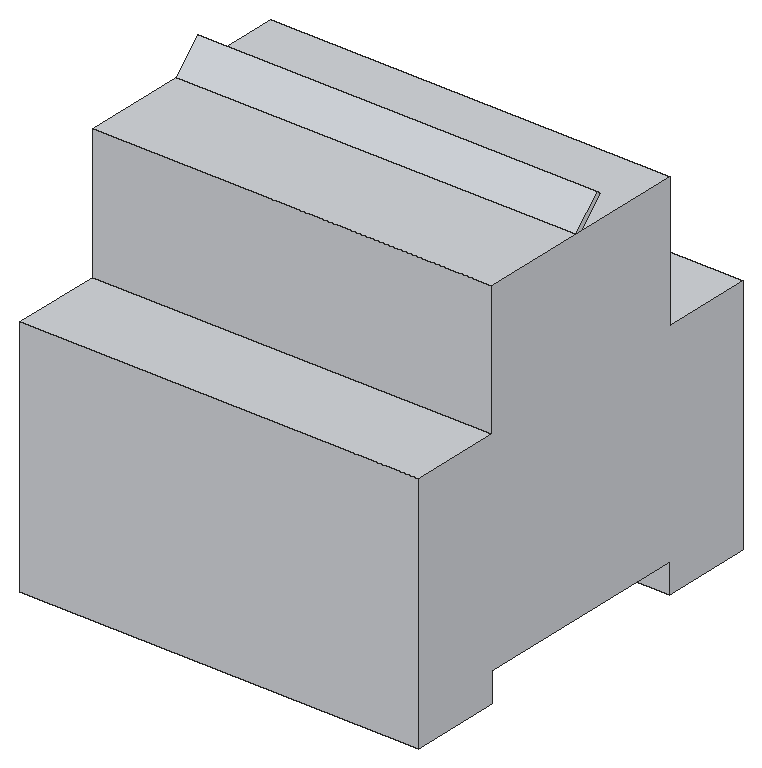
Revit family "Power-ModularDevices-GEWISS-90MCB-MTHP250_3P", category Apparecchi elettrici, host Superficie, Revit 2016
Family settings
  Host = Superficie
  Mantenere orientamento annotazione = Sì
  Tipo di parte = Normale
  Quota connettore circolare = Usa diametro
  Numero OmniClass = 23.80.50.00
  Titolo OmniClass = Terminals for Power Supply
  Taglio con vuoti quando caricato = No
  Condiviso = Sì
  Punto di calcolo locali = Sì
Parameters (values of type "GW93236 - HIGH PERF. MCB 3P C63 25KA 4.5M")
  potenza in watt = 0 V
  carico = Altro
  Version file RFA = "19.0"
  URL = "https://www.gewiss.com/ww/en"
  Technical sheet = "https://www.gewiss.com/ww/en/search?q=GW93236"
  Stocking temperature = "-40 +70 °C"
  Standard; = "EN 60898, EN 60947-2"
  Standard = "EN60898, EN60947-2"
  Spostamento_x = -4000 mm
  Section rigid cable = "<=1x70 - <=2x25 - <=2x25+1x10 mm²"
  Section flexible cable = "<=1x50(2) - <=2x25 - <=3x16 mm²"
  SS [instance] = 69.967 mm
  SIMBOLO IN PIANTA [instance] = yes
  SEO = "MCB"
  Realized by GEWISS S.p.A. = ""
  Rated voltage = "230-400V"
  Rated tightening torque = "3.5 / 3 (terminals)"
  Rated insulation voltage (Ui) = "500V"
  Rated impulse withstand voltage = "6KV"
  Rated frequency (Hz) = "50/60 Hz"
  Rated current: = "63A"
  Rated current (In) = "63A"
  Default Elevation = 1219.2 mm
  Produttore = "GEWISS S.p.A."
  Operating temperature = "-25 +60 °C"
  Numero di poli_ = 1
  Spost_x_eff [instance] = 4000 mm + Spostamento_x  # 0 mm
  Number of poles = "3P"
  No. of poles = "3P"
  No. of modules EN 50022 = "4,5"
  No. modules = "4.5"
  No. Chorus modules = "4,5"
  Modello = "GW93236"
  Minimum operating voltage = "12V ac/dc"
  Mechanical endurance = "20.000"
  Maximum operating voltage = "440V AC / 220V DC"
  Label = "MTHP 250"
  Insulation voltage = "500V"
  Immagine tipo = GW93236.jpg
  IFC.TypeObject = ""
  IFC.ExportType = ""
  IFC.ExportAs = ""
  IDT = "c60f315d-c6fa-4cd9-a51d-3fcd06983766"
  IDF = "a5bb6751-9f93-4ffb-a896-71562a4a5b63"
  Electrocod = "1411"
  Electrical endurance = "10000"
  EAN code = "8011564115736"
  Distanza dal piano = 3 mm
  Descrizione = "HIGH PERF. MCB 3P C63 25KA 4.5M"
  Description = "HIGH PERFORMANCE MINIATURE CIRCUIT BREAKER"
  Curve = "C"
  Catalogue Range = "90 MCB"
  Catalogue = "POWER"
  COBie.Tagnumber = ""
  COBie.CreatedOn = ""
  COBie.CreatebBy = ""
  COBie.ComponentRegisterItemID = ""
  COBie.Component.TagNumber = ""
  COBie.Component.Space = ""
  COBie.Component.SerialNumber = ""
  COBie.Component.InstallationDate = ""
  COBie.Component.Description = ""
  COBie.Component.BarCode = ""
  Breaking capacity EN 60947-2 400V (Icu) = "25KA"
  Breaking capacity EN 60947-2 230V (Icu) = "30KA"
  Breaking capacity EN 60947-2 (Ics) = "75% Icu"
  Breaking capacity EN 60898 400V (Icn) = "25000A"
  Breaking capacity EN 60898 230V (Icn) = "25000A"
  Breaking capacity EN 60898 (Ics) = "0.75 x Icn"
  Breaking capacity (EN 60898) = "0.75 x Icn"
Values of the unnamed type that differ from the named types
  Version file RFA = ""
  Stocking temperature = ""
  Standard; = ""
  Standard = ""
  Section rigid cable = ""
  Section flexible cable = ""
  SEO = ""
  Rated voltage = ""
  Rated tightening torque = ""
  Rated insulation voltage (Ui) = ""
  Rated impulse withstand voltage = ""
  Rated frequency (Hz) = ""
  Operating temperature = ""
  Number of poles = ""
  No. of poles = ""
  No. of modules EN 50022 = ""
  No. modules = ""
  No. Chorus modules = ""
  Minimum operating voltage = ""
  Mechanical endurance = ""
  Maximum operating voltage = ""
  Label = ""
  Insulation voltage = ""
  IDF = ""
  Electrocod = ""
  Electrical endurance = ""
  Description = ""
  Curve = ""
  Catalogue Range = ""
  Catalogue = ""
  Breaking capacity EN 60947-2 400V (Icu) = ""
  Breaking capacity EN 60947-2 230V (Icu) = ""
  Breaking capacity EN 60947-2 (Ics) = ""
  Breaking capacity EN 60898 400V (Icn) = ""
  Breaking capacity EN 60898 230V (Icn) = ""
  Breaking capacity EN 60898 (Ics) = ""
  Breaking capacity (EN 60898) = ""
Reference planes
  plane 1 "Centro (Fronte/Retro)": y = 0
  plane 2: z = 0
  plane 3 "Centro (Sinistra/Destra)": x = 0
  plane 4: z = -7
  plane 5: x = 0
  plane 6: x = 0
  plane 7: y = 69.967
  plane 8: z = -10
Dimensions and locks
  "Distanza dal piano": plane 8 to plane 4
  plane 5 to plane 3 "Centro (Sinistra/Destra)" = 0 mm
  "Spost_x_eff": plane 5 to plane 6
  "SS": plane 1 "Centro (Fronte/Retro)" to plane 7
  locked: plane 2 to plane 8 at 10
  aligned and locked: plane 2 to host face
  aligned and locked: level to host face
  aligned and locked: plane 3 "Centro (Sinistra/Destra)" to nested 1
  aligned and locked: plane 1 "Centro (Fronte/Retro)" to nested 1
  aligned and locked: plane 6 to nested 2
  aligned and locked: nested 2 to plane 7
  aligned and locked: nested 1 to plane 4
Automatic sketch dimensions
  host sketch curve to host sketch curve = 6519.2 mm
  host sketch curve to host sketch curve = 4328.142 mm
Nested families
  nested 1: "GENERICO - MTHP160 MAGNETOTEMICI ALTE PRESTAZ 3P" at (0, 0, -50), type "GENERICO - MTHP160 MAGNETOTEMICI ALTE PRESTAZ 3P"
  nested 2: "MANOVRA" at (0, 69.967, 0), visible <- "SIMBOLO IN PIANTA", type "MANOVRA"
Connectors
  electrical at (0, 0, 65), driven by "Numero di poli_", driven by "potenza in watt"
    settings: on nested 1, index 1, voltage 0 V, apparent load 0 VA, apparent load phase1 0 VA, apparent load phase2 0 VA, apparent load phase3 0 VA, power factor 1, load classification "Altro", number of poles 1, system type 31, power factor state 1, is connector primary yes, connector utility no, sub classification motor no, connector description ""
Definition of nested family "GENERICO - MTHP160 MAGNETOTEMICI ALTE PRESTAZ 3P"
  Parameters (values of type "GENERICO - MTHP160 MAGNETOTEMICI ALTE PRESTAZ 3P")
    h_barra din = if(Altezza barre = 1 mm, 69.9 mm, if(Altezza barre = 2 mm, 115.8 mm, 0 mm))  # 0 mm
    Default Elevation = 1219.2 mm
    H = if(AB_O = 1, AB_V, if(AB_O = 2, AB_H, 50.8 mm))  # 50.8 mm
    Dist barra din = 0 mm  # constant formula
    C1 = 49 mm  # constant formula
    C = 70 mm  # constant formula
    B = 82 mm  # constant formula
    Altezza barre = 5 mm  # constant formula
    AB_V = 3 mm  # constant formula
    AB_H = 5 mm  # constant formula
    AB_O = 0  # constant formula
    A = 81 mm  # constant formula
  Reference planes
    plane 1 "Centro (Fronte/Retro)": y = 0
    plane 2: z = 0
    plane 3 "Centro (Sinistra/Destra)": x = 0
    plane 4: y = -41
    plane 5: y = 41
    plane 6: z = 0
    plane 7: z = -6
    plane 8 "top": z = 70
    plane 9 "incasso": z = 43
    plane 10: y = -22.5
    plane 11: y = 22.5
    plane 12: x = -40.5
    plane 13: x = 40.5
    plane 14: through (4267.2, -42.5, 9) normal (0, -0.1901, 0.9818)
    plane 15 "POSIZIONE": z = 70
    plane 16: y = 3.75
    plane 17: y = -3.75
    plane 18: through (-18, -1524, 18.5) normal (-0.891, 0, -0.454)
    plane 19: through (-36.892, 84.001, 1200) normal (0.9205, -0.3907, 0)
    plane 20: through (63.319, -123.627, 1200) normal (-0.9925, 0.1219, 0)
    plane 21: x = -4
    plane 22: x = 4
    plane 23: z = 65
    plane 24: x = -1.458
    plane 25: x = 1.458
  Forms (mm)
    Extrusion 1, solid
      sketch origin (0, 0, 0) x (0, 1, 0) y (0, 0, 1)
        loop
          line (-22.5, 0) -> (22.5, 0) -> (22.5, -6) -> (41, -6) -> (41, 43) -> (22.5, 43) -> (22.5, 70) -> (-22.5, 70) -> (-22.5, 43) -> (-41, 43) -> (-41, -6) -> (-22.5, -6) -> (-22.5, 0)
      from -40.5 to 40.5
    Extrusion 2, solid
      sketch origin (0, 0, 0) x (0, 1, 0) y (0, 0, 1)
        loop
          line (0, 70) -> (4.778, 74.778) -> (4.175, 75.38) -> (-1.206, 70) -> (0, 70)
      from -40.5 to 40.5
    Extrusion 3, solid
      sketch origin (0, 0, 0) x (0, 1, 0) y (0, 0, 1)
        loop
          line (-0.971, 70) -> (-0.971, 65) -> (0, 65) -> (0, 70) -> (-0.971, 70)
      from -4 to 4
  Cuts and joins
    joined: Extrusion 2, Extrusion 3
  Lines and regions (mm)
    symbolic lines
      curve 1: line (0, 0, 15) -> (0, 0, -6)
      curve 2: line (0, -22.5, 0) -> (0, 22.5, 0)
    model lines
      curve 3: line (-40.5, 41, 43) -> (-40.5, 22.5, 43)
      curve 4: line (-13.5, 41, 43) -> (-13.5, 22.5, 43)
      curve 5: line (-40.5, -22.5, 43) -> (-40.5, -41, 43)
      curve 6: line (-13.5, -22.5, 43) -> (-13.5, -41, 43)
      curve 7: line (-40.5, 22.5, 70) -> (-40.5, 3.75, 70)
      curve 8: line (-13.5, 22.5, 70) -> (-13.5, 3.75, 70)
      curve 118: line (-34.13, 0, 70) -> (-34.13, -7.675, 70)
      curve 119: line (-34.13, -7.675, 70) -> (-19.337, -7.675, 70)
      curve 120: line (-19.337, -7.675, 70) -> (-19.337, 0, 70)
      curve 121: line (13.5, 41, 43) -> (13.5, 22.5, 43)
      curve 122: line (13.5, -22.5, 43) -> (13.5, -41, 43)
      curve 123: line (13.5, 22.5, 70) -> (13.5, 3.75, 70)
      curve 148: line (7.13, 0, 70) -> (7.13, -7.675, 70)
      curve 149: line (7.13, -7.675, 70) -> (-7.663, -7.675, 70)
      curve 150: line (-7.663, -7.675, 70) -> (-7.663, 0, 70)
      curve 323: line (19.87, 0, 70) -> (19.87, -7.675, 70)
      curve 324: line (19.87, -7.675, 70) -> (34.663, -7.675, 70)
      curve 325: line (34.663, -7.675, 70) -> (34.663, 0, 70)
      curve 353: line (-40.5, 0, 70) -> (34.454, 0, 70)
    model lines, detail levels medium+fine
      curve 9: line (-27.24, 34.673, 43) -> (-28.534, 34.326, 43)
      curve 10: line (-28.534, 34.326, 43) -> (-29.481, 33.38, 43)
      curve 11: line (-29.481, 33.38, 43) -> (-29.827, 32.086, 43)
      curve 12: line (-29.827, 32.086, 43) -> (-29.481, 30.793, 43)
      curve 13: line (-29.481, 30.793, 43) -> (-28.534, 29.846, 43)
      curve 14: line (-28.534, 29.846, 43) -> (-27.24, 29.499, 43)
      curve 15: line (-27.24, 29.499, 43) -> (-25.947, 29.846, 43)
      curve 16: line (-25.947, 29.846, 43) -> (-25, 30.793, 43)
      curve 17: line (-25, 30.793, 43) -> (-24.654, 32.086, 43)
      curve 18: line (-24.654, 32.086, 43) -> (-25, 33.38, 43)
      curve 19: line (-25, 33.38, 43) -> (-25.947, 34.326, 43)
      curve 20: line (-25.947, 34.326, 43) -> (-27.24, 34.673, 43)
      curve 21: line (-27.24, -35.673, 43) -> (-28.534, -35.326, 43)
      curve 22: line (-28.534, -35.326, 43) -> (-29.481, -34.38, 43)
      curve 23: line (-29.481, -34.38, 43) -> (-29.827, -33.086, 43)
      curve 24: line (-29.827, -33.086, 43) -> (-29.481, -31.793, 43)
      curve 25: line (-29.481, -31.793, 43) -> (-28.534, -30.846, 43)
      curve 26: line (-28.534, -30.846, 43) -> (-27.24, -30.499, 43)
      curve 27: line (-27.24, -30.499, 43) -> (-25.947, -30.846, 43)
      curve 28: line (-25.947, -30.846, 43) -> (-25, -31.793, 43)
      curve 29: line (-25, -31.793, 43) -> (-24.654, -33.086, 43)
      curve 30: line (-24.654, -33.086, 43) -> (-25, -34.38, 43)
      curve 31: line (-25, -34.38, 43) -> (-25.947, -35.326, 43)
      curve 32: line (-25.947, -35.326, 43) -> (-27.24, -35.673, 43)
      curve 124: line (0.24, 34.673, 43) -> (1.534, 34.326, 43)
      curve 125: line (1.534, 34.326, 43) -> (2.481, 33.38, 43)
      curve 126: line (2.481, 33.38, 43) -> (2.827, 32.086, 43)
      curve 127: line (2.827, 32.086, 43) -> (2.481, 30.793, 43)
      curve 128: line (2.481, 30.793, 43) -> (1.534, 29.846, 43)
      curve 129: line (1.534, 29.846, 43) -> (0.24, 29.499, 43)
      curve 130: line (0.24, 29.499, 43) -> (-1.053, 29.846, 43)
      curve 131: line (-1.053, 29.846, 43) -> (-2, 30.793, 43)
      curve 132: line (-2, 30.793, 43) -> (-2.346, 32.086, 43)
      curve 133: line (-2.346, 32.086, 43) -> (-2, 33.38, 43)
      curve 134: line (-2, 33.38, 43) -> (-1.053, 34.326, 43)
      curve 135: line (-1.053, 34.326, 43) -> (0.24, 34.673, 43)
      curve 136: line (0.24, -35.673, 43) -> (1.534, -35.326, 43)
      curve 137: line (1.534, -35.326, 43) -> (2.481, -34.38, 43)
      curve 138: line (2.481, -34.38, 43) -> (2.827, -33.086, 43)
      curve 139: line (2.827, -33.086, 43) -> (2.481, -31.793, 43)
      curve 140: line (2.481, -31.793, 43) -> (1.534, -30.846, 43)
      curve 141: line (1.534, -30.846, 43) -> (0.24, -30.499, 43)
      curve 142: line (0.24, -30.499, 43) -> (-1.053, -30.846, 43)
      curve 143: line (-1.053, -30.846, 43) -> (-2, -31.793, 43)
      curve 144: line (-2, -31.793, 43) -> (-2.346, -33.086, 43)
      curve 145: line (-2.346, -33.086, 43) -> (-2, -34.38, 43)
      curve 146: line (-2, -34.38, 43) -> (-1.053, -35.326, 43)
      curve 147: line (-1.053, -35.326, 43) -> (0.24, -35.673, 43)
      curve 299: line (26.76, 34.673, 43) -> (25.466, 34.326, 43)
      curve 300: line (25.466, 34.326, 43) -> (24.519, 33.38, 43)
      curve 301: line (24.519, 33.38, 43) -> (24.173, 32.086, 43)
      curve 302: line (24.173, 32.086, 43) -> (24.519, 30.793, 43)
      curve 303: line (24.519, 30.793, 43) -> (25.466, 29.846, 43)
      curve 304: line (25.466, 29.846, 43) -> (26.76, 29.499, 43)
      curve 305: line (26.76, 29.499, 43) -> (28.053, 29.846, 43)
      curve 306: line (28.053, 29.846, 43) -> (29, 30.793, 43)
      curve 307: line (29, 30.793, 43) -> (29.346, 32.086, 43)
      curve 308: line (29.346, 32.086, 43) -> (29, 33.38, 43)
      curve 309: line (29, 33.38, 43) -> (28.053, 34.326, 43)
      curve 310: line (28.053, 34.326, 43) -> (26.76, 34.673, 43)
      curve 311: line (26.76, -35.673, 43) -> (25.466, -35.326, 43)
      curve 312: line (25.466, -35.326, 43) -> (24.519, -34.38, 43)
      curve 313: line (24.519, -34.38, 43) -> (24.173, -33.086, 43)
      curve 314: line (24.173, -33.086, 43) -> (24.519, -31.793, 43)
      curve 315: line (24.519, -31.793, 43) -> (25.466, -30.846, 43)
      curve 316: line (25.466, -30.846, 43) -> (26.76, -30.499, 43)
      curve 317: line (26.76, -30.499, 43) -> (28.053, -30.846, 43)
      curve 318: line (28.053, -30.846, 43) -> (29, -31.793, 43)
      curve 319: line (29, -31.793, 43) -> (29.346, -33.086, 43)
      curve 320: line (29.346, -33.086, 43) -> (29, -34.38, 43)
      curve 321: line (29, -34.38, 43) -> (28.053, -35.326, 43)
      curve 322: line (28.053, -35.326, 43) -> (26.76, -35.673, 43)
    model lines, detail levels fine
      curve 33: line (-36.532, -17.833, 70) -> (-36.532, -20.467, 70)
      curve 34: line (-36.532, -20.467, 70) -> (-37.415, -20.467, 70)
      curve 35: line (-37.415, -20.467, 70) -> (-37.926, -20.402, 70)
      curve 36: line (-37.926, -20.402, 70) -> (-38.553, -20.125, 70)
      curve 37: line (-38.553, -20.125, 70) -> (-39.05, -19.664, 70)
      curve 38: line (-39.05, -19.664, 70) -> (-39.379, -19.042, 70)
      curve 39: line (-39.379, -19.042, 70) -> (-39.481, -18.38, 70)
      curve 40: line (-39.481, -18.38, 70) -> (-39.382, -17.769, 70)
      curve 41: line (-39.382, -17.769, 70) -> (-39.118, -17.23, 70)
      curve 42: line (-39.118, -17.23, 70) -> (-38.643, -16.739, 70)
      curve 43: line (-38.643, -16.739, 70) -> (-38.069, -16.44, 70)
      curve 44: line (-38.069, -16.44, 70) -> (-37.423, -16.334, 70)
      curve 45: line (-37.423, -16.334, 70) -> (-36.532, -16.334, 70)
      curve 46: line (-36.532, -16.334, 70) -> (-36.532, -17.469, 70)
      curve 47: line (-36.532, -17.469, 70) -> (-38.031, -17.469, 70)
      curve 48: line (-38.031, -17.469, 70) -> (-38.031, -19.331, 70)
      curve 49: line (-38.031, -19.331, 70) -> (-37.666, -19.331, 70)
      curve 50: line (-37.666, -19.331, 70) -> (-37.666, -17.833, 70)
      curve 51: line (-37.666, -17.833, 70) -> (-36.532, -17.833, 70)
      curve 52: line (-32.968, -20.467, 70) -> (-36.169, -20.467, 70)
      curve 53: line (-36.169, -20.467, 70) -> (-36.169, -16.334, 70)
      curve 54: line (-36.169, -16.334, 70) -> (-34.466, -16.334, 70)
      curve 55: line (-34.466, -16.334, 70) -> (-34.466, -17.469, 70)
      curve 56: line (-34.466, -17.469, 70) -> (-35.035, -17.469, 70)
      curve 57: line (-35.035, -17.469, 70) -> (-35.035, -17.832, 70)
      curve 58: line (-35.035, -17.832, 70) -> (-32.968, -17.832, 70)
      curve 59: line (-32.968, -17.832, 70) -> (-32.968, -18.968, 70)
      curve 60: line (-32.968, -18.968, 70) -> (-35.034, -18.968, 70)
      curve 61: line (-35.034, -18.968, 70) -> (-35.034, -19.331, 70)
      curve 62: line (-35.034, -19.331, 70) -> (-32.968, -19.331, 70)
      curve 63: line (-32.968, -19.331, 70) -> (-32.968, -20.467, 70)
      curve 64: line (-27.178, -20.467, 70) -> (-27.178, -17.833, 70)
      curve 65: line (-27.178, -17.833, 70) -> (-28.313, -17.833, 70)
      curve 66: line (-28.313, -17.833, 70) -> (-28.313, -20.467, 70)
      curve 67: line (-28.313, -20.467, 70) -> (-27.178, -20.467, 70)
      curve 68: line (-30.981, -20.467, 70) -> (-30.64, -18.764, 70)
      curve 69: line (-30.64, -18.764, 70) -> (-30.3, -20.467, 70)
      curve 70: line (-30.3, -20.467, 70) -> (-29.164, -20.467, 70)
      curve 71: line (-29.164, -20.467, 70) -> (-28.461, -17.469, 70)
      curve 72: line (-28.461, -17.469, 70) -> (-27.178, -17.469, 70)
      curve 73: line (-27.178, -17.469, 70) -> (-27.178, -16.334, 70)
      curve 74: line (-27.178, -16.334, 70) -> (-29.357, -16.334, 70)
      curve 75: line (-29.357, -16.334, 70) -> (-29.766, -18.082, 70)
      curve 76: line (-29.766, -18.082, 70) -> (-30.05, -16.334, 70)
      curve 77: line (-30.05, -16.334, 70) -> (-31.231, -16.334, 70)
      curve 78: line (-31.231, -16.334, 70) -> (-31.514, -18.082, 70)
      curve 79: line (-31.514, -18.082, 70) -> (-31.923, -16.334, 70)
      curve 80: line (-31.923, -16.334, 70) -> (-34.103, -16.334, 70)
      curve 81: line (-34.103, -16.334, 70) -> (-34.103, -17.469, 70)
      curve 82: line (-34.103, -17.469, 70) -> (-32.82, -17.469, 70)
      curve 83: line (-32.82, -17.469, 70) -> (-32.118, -20.467, 70)
      curve 84: line (-32.118, -20.467, 70) -> (-30.981, -20.467, 70)
      curve 85: line (-23.613, -16.334, 70) -> (-26.814, -16.334, 70)
      curve 86: line (-26.814, -16.334, 70) -> (-26.814, -18.968, 70)
      curve 87: line (-26.814, -18.968, 70) -> (-24.748, -18.968, 70)
      curve 88: line (-24.748, -18.968, 70) -> (-24.748, -19.331, 70)
      curve 89: line (-24.748, -19.331, 70) -> (-26.814, -19.331, 70)
      curve 90: line (-26.814, -19.331, 70) -> (-26.814, -20.467, 70)
      curve 91: line (-26.814, -20.467, 70) -> (-23.613, -20.467, 70)
      curve 92: line (-23.613, -20.467, 70) -> (-23.613, -17.833, 70)
      curve 93: line (-23.613, -17.833, 70) -> (-25.679, -17.833, 70)
      curve 94: line (-25.679, -17.833, 70) -> (-25.679, -17.469, 70)
      curve 95: line (-25.679, -17.469, 70) -> (-23.613, -17.469, 70)
      curve 96: line (-23.613, -17.469, 70) -> (-23.613, -16.334, 70)
      curve 97: line (-23.25, -16.334, 70) -> (-23.25, -18.968, 70)
      curve 98: line (-23.25, -18.968, 70) -> (-21.323, -18.968, 70)
      curve 99: line (-21.323, -18.968, 70) -> (-21.323, -19.331, 70)
      curve 100: line (-21.323, -19.331, 70) -> (-23.25, -19.331, 70)
      curve 101: line (-23.25, -19.331, 70) -> (-23.25, -20.467, 70)
      curve 102: line (-23.25, -20.467, 70) -> (-22.114, -20.467, 70)
      curve 103: line (-22.114, -20.467, 70) -> (-21.458, -20.256, 70)
      curve 104: line (-21.458, -20.256, 70) -> (-21.035, -19.98, 70)
      curve 105: line (-21.035, -19.98, 70) -> (-20.551, -19.386, 70)
      curve 106: line (-20.551, -19.386, 70) -> (-20.326, -18.719, 70)
      curve 107: line (-20.326, -18.719, 70) -> (-20.319, -18.127, 70)
      curve 108: line (-20.319, -18.127, 70) -> (-20.381, -17.833, 70)
      curve 109: line (-20.381, -17.833, 70) -> (-22.114, -17.833, 70)
      curve 110: line (-22.114, -17.833, 70) -> (-22.114, -17.469, 70)
      curve 111: line (-22.114, -17.469, 70) -> (-20.535, -17.469, 70)
      curve 112: line (-20.535, -17.469, 70) -> (-20.74, -17.126, 70)
      curve 113: line (-20.74, -17.126, 70) -> (-21.036, -16.82, 70)
      curve 114: line (-21.036, -16.82, 70) -> (-21.447, -16.55, 70)
      curve 115: line (-21.447, -16.55, 70) -> (-21.876, -16.393, 70)
      curve 116: line (-21.876, -16.393, 70) -> (-22.359, -16.334, 70)
      curve 117: line (-22.359, -16.334, 70) -> (-23.25, -16.334, 70)
    model lines, not visible
      curve 151: line (-182, 41, 43) -> (-182, 22.5, 43)
      curve 152: line (-155, 41, 43) -> (-155, 22.5, 43)
      curve 153: line (-182, -22.5, 43) -> (-182, -41, 43)
      curve 154: line (-155, -22.5, 43) -> (-155, -41, 43)
      curve 155: line (-182, 22.5, 70) -> (-182, 3.75, 70)
      curve 156: line (-155, 22.5, 70) -> (-155, 3.75, 70)
      curve 266: line (-175.63, 0, 70) -> (-175.63, -7.675, 70)
      curve 267: line (-175.63, -7.675, 70) -> (-160.837, -7.675, 70)
      curve 268: line (-160.837, -7.675, 70) -> (-160.837, 0, 70)
      curve 269: line (-128, 41, 43) -> (-128, 22.5, 43)
      curve 270: line (-128, -22.5, 43) -> (-128, -41, 43)
      curve 271: line (-128, 22.5, 70) -> (-128, 3.75, 70)
      curve 296: line (-134.37, 0, 70) -> (-134.37, -7.675, 70)
      curve 297: line (-134.37, -7.675, 70) -> (-149.163, -7.675, 70)
      curve 298: line (-149.163, -7.675, 70) -> (-149.163, 0, 70)
      curve 350: line (-121.63, 0, 70) -> (-121.63, -7.675, 70)
      curve 351: line (-121.63, -7.675, 70) -> (-106.837, -7.675, 70)
      curve 352: line (-106.837, -7.675, 70) -> (-106.837, 0, 70)
      curve 354: line (-182, 0, 70) -> (-107.046, 0, 70)
    model lines, not visible, detail levels medium+fine
      curve 157: line (-168.74, 34.673, 43) -> (-170.034, 34.326, 43)
      curve 158: line (-170.034, 34.326, 43) -> (-170.981, 33.38, 43)
      curve 159: line (-170.981, 33.38, 43) -> (-171.327, 32.086, 43)
      curve 160: line (-171.327, 32.086, 43) -> (-170.981, 30.793, 43)
      curve 161: line (-170.981, 30.793, 43) -> (-170.034, 29.846, 43)
      curve 162: line (-170.034, 29.846, 43) -> (-168.74, 29.499, 43)
      curve 163: line (-168.74, 29.499, 43) -> (-167.447, 29.846, 43)
      curve 164: line (-167.447, 29.846, 43) -> (-166.5, 30.793, 43)
      curve 165: line (-166.5, 30.793, 43) -> (-166.154, 32.086, 43)
      curve 166: line (-166.154, 32.086, 43) -> (-166.5, 33.38, 43)
      curve 167: line (-166.5, 33.38, 43) -> (-167.447, 34.326, 43)
      curve 168: line (-167.447, 34.326, 43) -> (-168.74, 34.673, 43)
      curve 169: line (-168.74, -35.673, 43) -> (-170.034, -35.326, 43)
      curve 170: line (-170.034, -35.326, 43) -> (-170.981, -34.38, 43)
      curve 171: line (-170.981, -34.38, 43) -> (-171.327, -33.086, 43)
      curve 172: line (-171.327, -33.086, 43) -> (-170.981, -31.793, 43)
      curve 173: line (-170.981, -31.793, 43) -> (-170.034, -30.846, 43)
      curve 174: line (-170.034, -30.846, 43) -> (-168.74, -30.499, 43)
      curve 175: line (-168.74, -30.499, 43) -> (-167.447, -30.846, 43)
      curve 176: line (-167.447, -30.846, 43) -> (-166.5, -31.793, 43)
      curve 177: line (-166.5, -31.793, 43) -> (-166.154, -33.086, 43)
      curve 178: line (-166.154, -33.086, 43) -> (-166.5, -34.38, 43)
      curve 179: line (-166.5, -34.38, 43) -> (-167.447, -35.326, 43)
      curve 180: line (-167.447, -35.326, 43) -> (-168.74, -35.673, 43)
      curve 272: line (-141.26, 34.673, 43) -> (-139.966, 34.326, 43)
      curve 273: line (-139.966, 34.326, 43) -> (-139.019, 33.38, 43)
      curve 274: line (-139.019, 33.38, 43) -> (-138.673, 32.086, 43)
      curve 275: line (-138.673, 32.086, 43) -> (-139.019, 30.793, 43)
      curve 276: line (-139.019, 30.793, 43) -> (-139.966, 29.846, 43)
      curve 277: line (-139.966, 29.846, 43) -> (-141.26, 29.499, 43)
      curve 278: line (-141.26, 29.499, 43) -> (-142.553, 29.846, 43)
      curve 279: line (-142.553, 29.846, 43) -> (-143.5, 30.793, 43)
      curve 280: line (-143.5, 30.793, 43) -> (-143.846, 32.086, 43)
      curve 281: line (-143.846, 32.086, 43) -> (-143.5, 33.38, 43)
      curve 282: line (-143.5, 33.38, 43) -> (-142.553, 34.326, 43)
      curve 283: line (-142.553, 34.326, 43) -> (-141.26, 34.673, 43)
      curve 284: line (-141.26, -35.673, 43) -> (-139.966, -35.326, 43)
      curve 285: line (-139.966, -35.326, 43) -> (-139.019, -34.38, 43)
      curve 286: line (-139.019, -34.38, 43) -> (-138.673, -33.086, 43)
      curve 287: line (-138.673, -33.086, 43) -> (-139.019, -31.793, 43)
      curve 288: line (-139.019, -31.793, 43) -> (-139.966, -30.846, 43)
      curve 289: line (-139.966, -30.846, 43) -> (-141.26, -30.499, 43)
      curve 290: line (-141.26, -30.499, 43) -> (-142.553, -30.846, 43)
      curve 291: line (-142.553, -30.846, 43) -> (-143.5, -31.793, 43)
      curve 292: line (-143.5, -31.793, 43) -> (-143.846, -33.086, 43)
      curve 293: line (-143.846, -33.086, 43) -> (-143.5, -34.38, 43)
      curve 294: line (-143.5, -34.38, 43) -> (-142.553, -35.326, 43)
      curve 295: line (-142.553, -35.326, 43) -> (-141.26, -35.673, 43)
      curve 326: line (-114.74, 34.673, 43) -> (-116.034, 34.326, 43)
      curve 327: line (-116.034, 34.326, 43) -> (-116.981, 33.38, 43)
      curve 328: line (-116.981, 33.38, 43) -> (-117.327, 32.086, 43)
      curve 329: line (-117.327, 32.086, 43) -> (-116.981, 30.793, 43)
      curve 330: line (-116.981, 30.793, 43) -> (-116.034, 29.846, 43)
      curve 331: line (-116.034, 29.846, 43) -> (-114.74, 29.499, 43)
      curve 332: line (-114.74, 29.499, 43) -> (-113.447, 29.846, 43)
      curve 333: line (-113.447, 29.846, 43) -> (-112.5, 30.793, 43)
      curve 334: line (-112.5, 30.793, 43) -> (-112.154, 32.086, 43)
      curve 335: line (-112.154, 32.086, 43) -> (-112.5, 33.38, 43)
      curve 336: line (-112.5, 33.38, 43) -> (-113.447, 34.326, 43)
      curve 337: line (-113.447, 34.326, 43) -> (-114.74, 34.673, 43)
      curve 338: line (-114.74, -35.673, 43) -> (-116.034, -35.326, 43)
      curve 339: line (-116.034, -35.326, 43) -> (-116.981, -34.38, 43)
      curve 340: line (-116.981, -34.38, 43) -> (-117.327, -33.086, 43)
      curve 341: line (-117.327, -33.086, 43) -> (-116.981, -31.793, 43)
      curve 342: line (-116.981, -31.793, 43) -> (-116.034, -30.846, 43)
      curve 343: line (-116.034, -30.846, 43) -> (-114.74, -30.499, 43)
      curve 344: line (-114.74, -30.499, 43) -> (-113.447, -30.846, 43)
      curve 345: line (-113.447, -30.846, 43) -> (-112.5, -31.793, 43)
      curve 346: line (-112.5, -31.793, 43) -> (-112.154, -33.086, 43)
      curve 347: line (-112.154, -33.086, 43) -> (-112.5, -34.38, 43)
      curve 348: line (-112.5, -34.38, 43) -> (-113.447, -35.326, 43)
      curve 349: line (-113.447, -35.326, 43) -> (-114.74, -35.673, 43)
    model lines, not visible, detail levels fine
      curve 181: line (-178.032, -17.833, 70) -> (-178.032, -20.467, 70)
      curve 182: line (-178.032, -20.467, 70) -> (-178.915, -20.467, 70)
      curve 183: line (-178.915, -20.467, 70) -> (-179.426, -20.402, 70)
      curve 184: line (-179.426, -20.402, 70) -> (-180.053, -20.125, 70)
      curve 185: line (-180.053, -20.125, 70) -> (-180.55, -19.664, 70)
      curve 186: line (-180.55, -19.664, 70) -> (-180.879, -19.042, 70)
      curve 187: line (-180.879, -19.042, 70) -> (-180.981, -18.38, 70)
      curve 188: line (-180.981, -18.38, 70) -> (-180.882, -17.769, 70)
      curve 189: line (-180.882, -17.769, 70) -> (-180.618, -17.23, 70)
      curve 190: line (-180.618, -17.23, 70) -> (-180.143, -16.739, 70)
      curve 191: line (-180.143, -16.739, 70) -> (-179.569, -16.44, 70)
      curve 192: line (-179.569, -16.44, 70) -> (-178.923, -16.334, 70)
      curve 193: line (-178.923, -16.334, 70) -> (-178.032, -16.334, 70)
      curve 194: line (-178.032, -16.334, 70) -> (-178.032, -17.469, 70)
      curve 195: line (-178.032, -17.469, 70) -> (-179.531, -17.469, 70)
      curve 196: line (-179.531, -17.469, 70) -> (-179.531, -19.331, 70)
      curve 197: line (-179.531, -19.331, 70) -> (-179.166, -19.331, 70)
      curve 198: line (-179.166, -19.331, 70) -> (-179.166, -17.833, 70)
      curve 199: line (-179.166, -17.833, 70) -> (-178.032, -17.833, 70)
      curve 200: line (-174.468, -20.467, 70) -> (-177.669, -20.467, 70)
      curve 201: line (-177.669, -20.467, 70) -> (-177.669, -16.334, 70)
      curve 202: line (-177.669, -16.334, 70) -> (-175.966, -16.334, 70)
      curve 203: line (-175.966, -16.334, 70) -> (-175.966, -17.469, 70)
      curve 204: line (-175.966, -17.469, 70) -> (-176.535, -17.469, 70)
      curve 205: line (-176.535, -17.469, 70) -> (-176.535, -17.832, 70)
      curve 206: line (-176.535, -17.832, 70) -> (-174.468, -17.832, 70)
      curve 207: line (-174.468, -17.832, 70) -> (-174.468, -18.968, 70)
      curve 208: line (-174.468, -18.968, 70) -> (-176.534, -18.968, 70)
      curve 209: line (-176.534, -18.968, 70) -> (-176.534, -19.331, 70)
      curve 210: line (-176.534, -19.331, 70) -> (-174.468, -19.331, 70)
      curve 211: line (-174.468, -19.331, 70) -> (-174.468, -20.467, 70)
      curve 212: line (-168.678, -20.467, 70) -> (-168.678, -17.833, 70)
      curve 213: line (-168.678, -17.833, 70) -> (-169.813, -17.833, 70)
      curve 214: line (-169.813, -17.833, 70) -> (-169.813, -20.467, 70)
      curve 215: line (-169.813, -20.467, 70) -> (-168.678, -20.467, 70)
      curve 216: line (-172.481, -20.467, 70) -> (-172.14, -18.764, 70)
      curve 217: line (-172.14, -18.764, 70) -> (-171.8, -20.467, 70)
      curve 218: line (-171.8, -20.467, 70) -> (-170.664, -20.467, 70)
      curve 219: line (-170.664, -20.467, 70) -> (-169.961, -17.469, 70)
      curve 220: line (-169.961, -17.469, 70) -> (-168.678, -17.469, 70)
      curve 221: line (-168.678, -17.469, 70) -> (-168.678, -16.334, 70)
      curve 222: line (-168.678, -16.334, 70) -> (-170.857, -16.334, 70)
      curve 223: line (-170.857, -16.334, 70) -> (-171.266, -18.082, 70)
      curve 224: line (-171.266, -18.082, 70) -> (-171.55, -16.334, 70)
      curve 225: line (-171.55, -16.334, 70) -> (-172.731, -16.334, 70)
      curve 226: line (-172.731, -16.334, 70) -> (-173.014, -18.082, 70)
      curve 227: line (-173.014, -18.082, 70) -> (-173.423, -16.334, 70)
      curve 228: line (-173.423, -16.334, 70) -> (-175.603, -16.334, 70)
      curve 229: line (-175.603, -16.334, 70) -> (-175.603, -17.469, 70)
      curve 230: line (-175.603, -17.469, 70) -> (-174.32, -17.469, 70)
      curve 231: line (-174.32, -17.469, 70) -> (-173.618, -20.467, 70)
      curve 232: line (-173.618, -20.467, 70) -> (-172.481, -20.467, 70)
      curve 233: line (-165.113, -16.334, 70) -> (-168.314, -16.334, 70)
      curve 234: line (-168.314, -16.334, 70) -> (-168.314, -18.968, 70)
      curve 235: line (-168.314, -18.968, 70) -> (-166.248, -18.968, 70)
      curve 236: line (-166.248, -18.968, 70) -> (-166.248, -19.331, 70)
      curve 237: line (-166.248, -19.331, 70) -> (-168.314, -19.331, 70)
      curve 238: line (-168.314, -19.331, 70) -> (-168.314, -20.467, 70)
      curve 239: line (-168.314, -20.467, 70) -> (-165.113, -20.467, 70)
      curve 240: line (-165.113, -20.467, 70) -> (-165.113, -17.833, 70)
      curve 241: line (-165.113, -17.833, 70) -> (-167.179, -17.833, 70)
      curve 242: line (-167.179, -17.833, 70) -> (-167.179, -17.469, 70)
      curve 243: line (-167.179, -17.469, 70) -> (-165.113, -17.469, 70)
      curve 244: line (-165.113, -17.469, 70) -> (-165.113, -16.334, 70)
      curve 245: line (-164.75, -16.334, 70) -> (-164.75, -18.968, 70)
      curve 246: line (-164.75, -18.968, 70) -> (-162.823, -18.968, 70)
      curve 247: line (-162.823, -18.968, 70) -> (-162.823, -19.331, 70)
      curve 248: line (-162.823, -19.331, 70) -> (-164.75, -19.331, 70)
      curve 249: line (-164.75, -19.331, 70) -> (-164.75, -20.467, 70)
      curve 250: line (-164.75, -20.467, 70) -> (-163.614, -20.467, 70)
      curve 251: line (-163.614, -20.467, 70) -> (-162.958, -20.256, 70)
      curve 252: line (-162.958, -20.256, 70) -> (-162.535, -19.98, 70)
      curve 253: line (-162.535, -19.98, 70) -> (-162.051, -19.386, 70)
      curve 254: line (-162.051, -19.386, 70) -> (-161.826, -18.719, 70)
      curve 255: line (-161.826, -18.719, 70) -> (-161.819, -18.127, 70)
      curve 256: line (-161.819, -18.127, 70) -> (-161.881, -17.833, 70)
      curve 257: line (-161.881, -17.833, 70) -> (-163.614, -17.833, 70)
      curve 258: line (-163.614, -17.833, 70) -> (-163.614, -17.469, 70)
      curve 259: line (-163.614, -17.469, 70) -> (-162.035, -17.469, 70)
      curve 260: line (-162.035, -17.469, 70) -> (-162.24, -17.126, 70)
      curve 261: line (-162.24, -17.126, 70) -> (-162.536, -16.82, 70)
      curve 262: line (-162.536, -16.82, 70) -> (-162.947, -16.55, 70)
      curve 263: line (-162.947, -16.55, 70) -> (-163.376, -16.393, 70)
      curve 264: line (-163.376, -16.393, 70) -> (-163.859, -16.334, 70)
      curve 265: line (-163.859, -16.334, 70) -> (-164.75, -16.334, 70)
  Text (mm)
    text "AB_V" at (0, 50.868, 44.72), in view "Destra"
    text "AB_O" at (0, -80.659, 111.963), in view "Destra"
    text "AB_O" at (-90.351, 0, 31.414), in view "Anteriore"
    text "AB_V=0" at (25.467, -49.469, 0), in view "Livello rif."
  Dimensions and locks
    equal spacing: plane 4, plane 1 "Centro (Fronte/Retro)", plane 5
    "B": plane 4 to plane 5
    "Dist barra din": plane 6 to level
    locked: plane 6 to plane 7 at 6
    "C": plane 15 "POSIZIONE" to plane 6
    equal spacing: plane 10, plane 1 "Centro (Fronte/Retro)", plane 11
    plane 10 to plane 11 = 45 mm
    equal spacing: plane 12, plane 3 "Centro (Sinistra/Destra)", plane 13
    "A": plane 12 to plane 13
    "C1": plane 9 "incasso" to plane 7
    plane 12 to plane 13 = 81 mm
    equal spacing: plane 21, plane 3 "Centro (Sinistra/Destra)", plane 22
    equal spacing: plane 17, plane 1 "Centro (Fronte/Retro)", plane 16
    plane 17 to plane 16 = 7.5 mm
    locked: plane 15 "POSIZIONE" to plane 23 at 5
    equal spacing: plane 24, plane 3 "Centro (Sinistra/Destra)", plane 25
    angle level to plane 14 = 10.9557°
    angle plane 4 to plane 8 "top" = 90.00°
    angle plane 15 "POSIZIONE" to plane 13 = 90.00°
    angle plane 7 to plane 18 = 117.00°
    angle plane 19 to plane 20 = 16.00°
    angle plane 20 to plane 13 = 7.00°
    aligned and locked: level to plane 2
    aligned and locked: Extrusion 1 sketch curve to plane 6
    aligned and locked: Extrusion 1 sketch curve to plane 7
    aligned and locked: Extrusion 1 sketch curve to plane 4
    aligned and locked: Extrusion 1 sketch curve to plane 9 "incasso"  (x2)
    aligned and locked: Extrusion 1 sketch curve to plane 11  (x2)
    aligned and locked: Extrusion 1 sketch curve to plane 5
    aligned and locked: Extrusion 1 sketch curve to plane 10  (x2)
    aligned and locked: plane 1 "Centro (Fronte/Retro)" to curve 1
    aligned and locked: Extrusion 1 to plane 6
    aligned and locked: Extrusion 1 to plane 12
    aligned and locked: plane 13 to Extrusion 1
    aligned and locked: plane 15 "POSIZIONE" to Extrusion 1 sketch curve
    aligned and locked: Extrusion 3 sketch curve to plane 1 "Centro (Fronte/Retro)"
    aligned and locked: Extrusion 3 to plane 21
    aligned and locked: plane 22 to Extrusion 3
    aligned and locked: Extrusion 2 to plane 12
    aligned and locked: plane 13 to Extrusion 2
    aligned and locked: curve 5 to plane 12
  Automatic sketch dimensions
    Extrusion 1 sketch curve to plane 7 = 0 mm
    curve 2 to level = 0 mm
    curve 2 to plane 10 = 0 mm
    curve 2 to plane 11 = 0 mm
    curve 1 to plane 7 = 0 mm
    level to curve 1 = 15 mm
    curve 124 to curve 299 = 0 mm
    curve 20 to curve 124 = 0 mm
    curve 9 to curve 9 = 0.347 mm
    curve 124 to curve 125 = 0.347 mm
    curve 299 to curve 299 = 0.347 mm
    curve 9 to curve 20 = 0.347 mm
    curve 124 to curve 134 = 0.347 mm
    curve 299 to curve 309 = 0.347 mm
    curve 309 to curve 308 = 0.947 mm  (x2)
    curve 134 to curve 134 = 0.947 mm
    curve 19 to curve 18 = 0.947 mm
    curve 124 to curve 126 = 0.947 mm
    curve 9 to curve 11 = 0.947 mm
    curve 299 to curve 300 = 0.947 mm
    curve 10 to curve 11 = 1.293 mm
    curve 300 to curve 302 = 1.293 mm
    curve 308 to curve 307 = 1.293 mm
    curve 18 to curve 18 = 1.293 mm
    curve 125 to curve 126 = 1.293 mm
    curve 133 to curve 133 = 1.293 mm
    curve 307 to curve 307 = 1.293 mm
    curve 11 to curve 13 = 1.293 mm
    curve 126 to curve 127 = 1.293 mm
    curve 132 to curve 131 = 1.293 mm
    curve 17 to curve 16 = 1.293 mm
    curve 301 to curve 303 = 1.293 mm
    curve 302 to curve 303 = 0.947 mm
    curve 16 to curve 15 = 0.947 mm
    curve 12 to curve 14 = 0.947 mm
    curve 306 to curve 305 = 0.947 mm
    curve 131 to curve 131 = 0.947 mm
    curve 127 to curve 128 = 0.947 mm
    curve 130 to curve 129 = 0.347 mm
    curve 15 to curve 14 = 0.347 mm
    curve 303 to curve 304 = 0.347 mm
    curve 25 to curve 24 = 0.947 mm
    curve 27 to curve 28 = 0.947 mm  (x2)
    curve 142 to curve 144 = 0.947 mm
    curve 140 to curve 140 = 0.947 mm  (x2)
    curve 317 to curve 318 = 0.947 mm
    curve 316 to curve 314 = 0.947 mm
    curve 314 to curve 313 = 1.293 mm
    curve 139 to curve 138 = 1.293 mm
    curve 143 to curve 144 = 1.293 mm
    curve 24 to curve 23 = 1.293 mm
    curve 28 to curve 29 = 1.293 mm
    curve 319 to curve 319 = 1.293 mm
    curve 313 to curve 313 = 1.293 mm
    curve 320 to curve 321 = 1.293 mm
    curve 29 to curve 31 = 1.293 mm
    curve 144 to curve 146 = 1.293 mm
    curve 138 to curve 138 = 1.293 mm
    curve 23 to curve 23 = 1.293 mm
    curve 137 to curve 136 = 0.947 mm
    curve 321 to curve 322 = 0.947 mm
    curve 22 to curve 21 = 0.947 mm  (x2)
    curve 313 to curve 312 = 0.947 mm
    curve 145 to curve 146 = 0.947 mm
    curve 30 to curve 31 = 0.947 mm
    curve 136 to curve 147 = 0.347 mm
    curve 311 to curve 311 = 0.347 mm
    curve 21 to curve 21 = 0.347 mm
    curve 23 to curve 24 = 0.347 mm
    curve 11 to curve 12 = 0.347 mm
    curve 11 to curve 10 = 0.347 mm
    curve 23 to curve 22 = 0.347 mm
    curve 12 to curve 13 = 0.947 mm
    curve 24 to curve 25 = 0.947 mm
    curve 10 to curve 10 = 0.947 mm
    curve 21 to curve 21 = 1.293 mm
    curve 9 to curve 20 = 1.293 mm
    curve 21 to curve 32 = 1.293 mm
    curve 14 to curve 16 = 1.293 mm
    curve 9 to curve 19 = 1.293 mm
    curve 26 to curve 27 = 1.293 mm
    curve 31 to curve 30 = 0.947 mm
    curve 19 to curve 19 = 0.947 mm
    curve 15 to curve 17 = 0.947 mm
    curve 16 to curve 18 = 0.347 mm
    curve 28 to curve 29 = 0.347 mm
    curve 132 to curve 131 = 0.347 mm
    curve 144 to curve 144 = 0.347 mm
    curve 144 to curve 146 = 0.347 mm
    curve 132 to curve 133 = 0.347 mm
    curve 145 to curve 147 = 0.947 mm
    curve 133 to curve 134 = 0.947 mm
    curve 146 to curve 136 = 1.293 mm
    curve 134 to curve 124 = 1.293 mm
    curve 124 to curve 125 = 1.293 mm
    curve 136 to curve 136 = 1.293 mm
    curve 124 to curve 125 = 0.947 mm
    curve 136 to curve 138 = 0.947 mm
    curve 128 to curve 127 = 0.947 mm
    curve 139 to curve 138 = 0.347 mm
    curve 127 to curve 126 = 0.347 mm
    curve 313 to curve 314 = 0.347 mm
    curve 301 to curve 301 = 0.347 mm
    curve 313 to curve 312 = 0.347 mm
    curve 301 to curve 302 = 0.347 mm
    curve 302 to curve 304 = 0.947 mm
    curve 300 to curve 300 = 0.947 mm
    curve 315 to curve 316 = 0.947 mm
    curve 313 to curve 311 = 0.947 mm
    curve 299 to curve 310 = 1.293 mm
    curve 311 to curve 322 = 1.293 mm
    curve 304 to curve 306 = 1.293 mm
    curve 311 to curve 321 = 1.293 mm
    curve 299 to curve 309 = 1.293 mm
    curve 316 to curve 317 = 1.293 mm
    curve 321 to curve 320 = 0.947 mm
    curve 317 to curve 319 = 0.947 mm
    curve 305 to curve 307 = 0.947 mm
    curve 307 to curve 308 = 0.347 mm
    curve 319 to curve 320 = 0.347 mm
    curve 272 to curve 326 = 0 mm
    curve 168 to curve 272 = 0 mm
    curve 157 to curve 157 = 0.347 mm
    curve 272 to curve 273 = 0.347 mm
    curve 326 to curve 326 = 0.347 mm
    curve 157 to curve 168 = 0.347 mm
    curve 272 to curve 282 = 0.347 mm
    curve 326 to curve 336 = 0.347 mm
    curve 336 to curve 335 = 0.947 mm  (x2)
    curve 282 to curve 282 = 0.947 mm
    curve 167 to curve 166 = 0.947 mm
    curve 272 to curve 274 = 0.947 mm
    curve 157 to curve 159 = 0.947 mm
    curve 326 to curve 327 = 0.947 mm
    curve 158 to curve 159 = 1.293 mm
    curve 327 to curve 329 = 1.293 mm
    curve 335 to curve 334 = 1.293 mm
    curve 166 to curve 166 = 1.293 mm
    curve 273 to curve 274 = 1.293 mm
    curve 281 to curve 281 = 1.293 mm
    curve 334 to curve 334 = 1.293 mm
    curve 159 to curve 161 = 1.293 mm
    curve 274 to curve 275 = 1.293 mm
    curve 280 to curve 279 = 1.293 mm
    curve 165 to curve 164 = 1.293 mm
    curve 328 to curve 330 = 1.293 mm
    curve 329 to curve 330 = 0.947 mm
    curve 164 to curve 163 = 0.947 mm
    curve 160 to curve 162 = 0.947 mm
    curve 333 to curve 332 = 0.947 mm
    curve 279 to curve 279 = 0.947 mm
    curve 275 to curve 276 = 0.947 mm
    curve 278 to curve 277 = 0.347 mm
    curve 163 to curve 162 = 0.347 mm
    curve 330 to curve 331 = 0.347 mm
    curve 173 to curve 172 = 0.947 mm
    curve 175 to curve 176 = 0.947 mm  (x2)
    curve 290 to curve 292 = 0.947 mm
    curve 288 to curve 288 = 0.947 mm  (x2)
    curve 344 to curve 345 = 0.947 mm
    curve 343 to curve 341 = 0.947 mm
    curve 341 to curve 340 = 1.293 mm
    curve 287 to curve 286 = 1.293 mm
    curve 291 to curve 292 = 1.293 mm
    curve 172 to curve 171 = 1.293 mm
    curve 176 to curve 177 = 1.293 mm
    curve 346 to curve 346 = 1.293 mm
    curve 340 to curve 340 = 1.293 mm
    curve 347 to curve 348 = 1.293 mm
    curve 177 to curve 179 = 1.293 mm
    curve 292 to curve 294 = 1.293 mm
    curve 286 to curve 286 = 1.293 mm
    curve 171 to curve 171 = 1.293 mm
    curve 285 to curve 284 = 0.947 mm
    curve 348 to curve 349 = 0.947 mm
    curve 170 to curve 169 = 0.947 mm  (x2)
    curve 340 to curve 339 = 0.947 mm
    curve 293 to curve 294 = 0.947 mm
    curve 178 to curve 179 = 0.947 mm
    curve 284 to curve 295 = 0.347 mm
    curve 338 to curve 338 = 0.347 mm
    curve 169 to curve 169 = 0.347 mm
    curve 171 to curve 172 = 0.347 mm
    curve 159 to curve 160 = 0.347 mm
    curve 159 to curve 158 = 0.347 mm
    curve 171 to curve 170 = 0.347 mm
    curve 160 to curve 161 = 0.947 mm
    curve 172 to curve 173 = 0.947 mm
    curve 158 to curve 158 = 0.947 mm
    curve 169 to curve 169 = 1.293 mm
    curve 157 to curve 168 = 1.293 mm
    curve 169 to curve 180 = 1.293 mm
    curve 162 to curve 164 = 1.293 mm
    curve 157 to curve 167 = 1.293 mm
    curve 174 to curve 175 = 1.293 mm
    curve 179 to curve 178 = 0.947 mm
    curve 167 to curve 167 = 0.947 mm
    curve 163 to curve 165 = 0.947 mm
    curve 164 to curve 166 = 0.347 mm
    curve 176 to curve 177 = 0.347 mm
    curve 280 to curve 279 = 0.347 mm
    curve 292 to curve 292 = 0.347 mm
    curve 292 to curve 294 = 0.347 mm
    curve 280 to curve 281 = 0.347 mm
    curve 293 to curve 295 = 0.947 mm
    curve 281 to curve 282 = 0.947 mm
    curve 294 to curve 284 = 1.293 mm
    curve 282 to curve 272 = 1.293 mm
    curve 272 to curve 273 = 1.293 mm
    curve 284 to curve 284 = 1.293 mm
    curve 272 to curve 273 = 0.947 mm
    curve 284 to curve 286 = 0.947 mm
    curve 276 to curve 275 = 0.947 mm
    curve 287 to curve 286 = 0.347 mm
    curve 275 to curve 274 = 0.347 mm
    curve 340 to curve 341 = 0.347 mm
    curve 328 to curve 328 = 0.347 mm
    curve 340 to curve 339 = 0.347 mm
    curve 328 to curve 329 = 0.347 mm
    curve 329 to curve 331 = 0.947 mm
    curve 327 to curve 327 = 0.947 mm
    curve 342 to curve 343 = 0.947 mm
    curve 340 to curve 338 = 0.947 mm
    curve 326 to curve 337 = 1.293 mm
    curve 338 to curve 349 = 1.293 mm
    curve 331 to curve 333 = 1.293 mm
    curve 338 to curve 348 = 1.293 mm
    curve 326 to curve 336 = 1.293 mm
    curve 343 to curve 344 = 1.293 mm
    curve 348 to curve 347 = 0.947 mm
    curve 344 to curve 346 = 0.947 mm
    curve 332 to curve 334 = 0.947 mm
    curve 334 to curve 335 = 0.347 mm
    curve 346 to curve 347 = 0.347 mm
    Extrusion 2 sketch curve to plane 8 "top" = 0 mm
    Extrusion 2 sketch curve to plane 1 "Centro (Fronte/Retro)" = 0 mm
    plane 1 "Centro (Fronte/Retro)" to Extrusion 2 sketch curve = 1.206 mm
    Extrusion 2 sketch curve to plane 16 = 0.425 mm
    Extrusion 2 sketch curve to Extrusion 2 sketch curve = 0.603 mm
    Extrusion 3 sketch curve to plane 23 = 0 mm
    Extrusion 3 sketch curve to plane 8 "top" = 0 mm
    Extrusion 3 sketch curve to Extrusion 3 sketch curve = 0.971 mm
    curve 7 to curve 40 = 1.019 mm
    curve 39 to curve 40 = 0.099 mm
    curve 39 to curve 39 = 0.102 mm
    curve 40 to curve 41 = 0.264 mm
    curve 38 to curve 37 = 0.329 mm
    curve 41 to curve 43 = 0.475 mm
    curve 37 to curve 37 = 0.497 mm
    curve 42 to curve 44 = 0.574 mm
    curve 36 to curve 48 = 0.521 mm
    curve 36 to curve 36 = 0.626 mm
    curve 47 to curve 51 = 0.365 mm
    curve 43 to curve 45 = 0.646 mm
    curve 35 to curve 34 = 0.512 mm
    curve 44 to curve 46 = 0.891 mm
    curve 51 to curve 46 = 0 mm
    curve 45 to curve 53 = 0.363 mm
    curve 33 to curve 57 = 1.498 mm
    curve 57 to curve 61 = 0.001 mm
    curve 56 to curve 55 = 0.568 mm
    curve 54 to curve 119 = 0.336 mm
    curve 55 to curve 81 = 0.363 mm
    curve 81 to curve 60 = 1.135 mm
    curve 59 to curve 52 = 0 mm
    curve 58 to curve 82 = 0.148 mm
    curve 52 to curve 83 = 0.85 mm
    curve 82 to curve 80 = 0.897 mm
    curve 82 to curve 78 = 1.306 mm
    curve 79 to curve 78 = 0.693 mm
    curve 83 to curve 84 = 1.137 mm
    curve 78 to curve 69 = 0.874 mm
    curve 68 to curve 69 = 0.681 mm
    curve 77 to curve 77 = 1.181 mm
    curve 68 to curve 75 = 0.874 mm
    curve 76 to curve 75 = 0.693 mm
    curve 69 to curve 70 = 1.135 mm
    curve 75 to curve 71 = 1.306 mm
    curve 71 to curve 65 = 0.148 mm
    curve 65 to curve 64 = 1.135 mm
    curve 72 to curve 64 = 0 mm
    curve 73 to curve 85 = 0.363 mm
    curve 64 to curve 91 = 0.363 mm
    curve 72 to curve 95 = 1.499 mm
    curve 93 to curve 89 = 0.931 mm
    curve 87 to curve 93 = 1.135 mm
    curve 95 to curve 92 = 0 mm
    curve 85 to curve 97 = 0.363 mm
    curve 100 to curve 97 = 0 mm
    curve 97 to curve 117 = 0.891 mm
    curve 92 to curve 110 = 1.499 mm
    curve 101 to curve 102 = 1.135 mm
    curve 116 to curve 116 = 0.483 mm
    curve 102 to curve 104 = 0.656 mm
    curve 115 to curve 115 = 0.429 mm
    curve 103 to curve 99 = 0.136 mm
    curve 114 to curve 113 = 0.411 mm
    curve 103 to curve 104 = 0.423 mm
    curve 113 to curve 112 = 0.295 mm
    curve 104 to curve 105 = 0.484 mm
    curve 112 to curve 111 = 0.205 mm
    curve 111 to curve 109 = 0.155 mm
    curve 105 to curve 106 = 0.225 mm
    curve 108 to curve 108 = 0.061 mm
    curve 115 to curve 119 = 2.538 mm
    curve 119 to curve 150 = 11.675 mm
    curve 149 to curve 149 = 14.793 mm
    curve 148 to curve 324 = 12.739 mm
    curve 323 to curve 325 = 14.793 mm
    curve 91 to curve 101 = 0 mm
    curve 53 to curve 90 = 0 mm
    curve 64 to curve 90 = 0 mm
    curve 52 to curve 68 = 0 mm
    curve 68 to curve 69 = 0 mm
    curve 52 to curve 34 = 0 mm
    curve 34 to curve 36 = 0.064 mm
    curve 102 to curve 103 = 0.211 mm
    curve 35 to curve 37 = 0.277 mm
    curve 103 to curve 104 = 0.276 mm
    curve 36 to curve 37 = 0.461 mm
    curve 104 to curve 106 = 0.594 mm
    curve 36 to curve 48 = 0.794 mm
    curve 52 to curve 62 = 1.135 mm
    curve 104 to curve 99 = 0.649 mm
    curve 88 to curve 100 = 0 mm
    curve 37 to curve 39 = 0.622 mm
    curve 61 to curve 61 = 0.363 mm
    curve 88 to curve 87 = 0.363 mm
    curve 100 to curve 97 = 0.363 mm
    curve 69 to curve 68 = 1.703 mm
    curve 105 to curve 106 = 0.667 mm
    curve 38 to curve 39 = 0.662 mm
    curve 106 to curve 108 = 0.592 mm
    curve 68 to curve 79 = 0.681 mm
    curve 68 to curve 76 = 0.681 mm
    curve 49 to curve 33 = 1.498 mm
    curve 97 to curve 92 = 1.135 mm
    curve 107 to curve 108 = 0.294 mm
    curve 86 to curve 64 = 1.135 mm
    curve 59 to curve 58 = 1.136 mm
    curve 39 to curve 41 = 0.611 mm
    curve 58 to curve 82 = 0.363 mm
    curve 93 to curve 95 = 0.363 mm
    curve 64 to curve 73 = 0.363 mm
    curve 33 to curve 46 = 0.364 mm
    curve 109 to curve 110 = 0.363 mm
    curve 57 to curve 57 = 0.363 mm
    curve 40 to curve 42 = 0.539 mm
    curve 111 to curve 113 = 0.343 mm
    curve 112 to curve 113 = 0.306 mm
    curve 41 to curve 43 = 0.491 mm
    curve 113 to curve 115 = 0.27 mm
    curve 42 to curve 43 = 0.298 mm
    curve 114 to curve 116 = 0.157 mm
    curve 75 to curve 76 = 1.748 mm
    curve 95 to curve 97 = 1.135 mm
    curve 96 to curve 97 = 0 mm
    curve 55 to curve 54 = 1.135 mm
    curve 73 to curve 85 = 0 mm
    curve 46 to curve 53 = 0 mm
    curve 79 to curve 77 = 0 mm
    curve 107 to curve 324 = 10.452 mm
    curve 112 to curve 150 = 9.452 mm
    curve 80 to curve 118 = 8.659 mm
    curve 118 to curve 7 = 11.425 mm
    curve 353 to curve 7 = 0 mm
    curve 8 to curve 150 = 5.837 mm
    curve 148 to curve 123 = 6.37 mm
    curve 353 to curve 325 = 0.208 mm
    curve 353 to curve 325 = 0 mm
    curve 8 to curve 8 = 18.75 mm
    curve 7 to curve 7 = 18.75 mm
    curve 123 to curve 123 = 18.75 mm
    curve 155 to curve 188 = 1.019 mm
    curve 187 to curve 188 = 0.099 mm
    curve 187 to curve 187 = 0.102 mm
    curve 188 to curve 189 = 0.264 mm
    curve 186 to curve 185 = 0.329 mm
    curve 189 to curve 191 = 0.475 mm
    curve 185 to curve 185 = 0.497 mm
    curve 190 to curve 192 = 0.574 mm
    curve 184 to curve 196 = 0.521 mm
    curve 184 to curve 184 = 0.626 mm
    curve 195 to curve 199 = 0.365 mm
    curve 191 to curve 193 = 0.646 mm
    curve 183 to curve 182 = 0.512 mm
    curve 192 to curve 194 = 0.891 mm
    curve 199 to curve 194 = 0 mm
    curve 193 to curve 201 = 0.363 mm
    curve 181 to curve 205 = 1.498 mm
    curve 205 to curve 209 = 0.001 mm
    curve 204 to curve 203 = 0.568 mm
    curve 202 to curve 267 = 0.336 mm
    curve 203 to curve 229 = 0.363 mm
    curve 229 to curve 208 = 1.135 mm
    curve 207 to curve 200 = 0 mm
    curve 206 to curve 230 = 0.148 mm
    curve 200 to curve 231 = 0.85 mm
    curve 230 to curve 228 = 0.897 mm
    curve 230 to curve 226 = 1.306 mm
    curve 227 to curve 226 = 0.693 mm
    curve 231 to curve 232 = 1.137 mm
    curve 226 to curve 217 = 0.874 mm
    curve 216 to curve 217 = 0.681 mm
    curve 225 to curve 225 = 1.181 mm
    curve 216 to curve 223 = 0.874 mm
    curve 224 to curve 223 = 0.693 mm
    curve 217 to curve 218 = 1.135 mm
    curve 223 to curve 219 = 1.306 mm
    curve 219 to curve 213 = 0.148 mm
    curve 213 to curve 212 = 1.135 mm
    curve 220 to curve 212 = 0 mm
    curve 221 to curve 233 = 0.363 mm
    curve 212 to curve 239 = 0.363 mm
    curve 220 to curve 243 = 1.499 mm
    curve 241 to curve 237 = 0.931 mm
    curve 235 to curve 241 = 1.135 mm
    curve 243 to curve 240 = 0 mm
    curve 233 to curve 245 = 0.363 mm
    curve 248 to curve 245 = 0 mm
    curve 245 to curve 265 = 0.891 mm
    curve 240 to curve 258 = 1.499 mm
    curve 249 to curve 250 = 1.135 mm
    curve 264 to curve 264 = 0.483 mm
    curve 250 to curve 252 = 0.656 mm
    curve 263 to curve 263 = 0.429 mm
    curve 251 to curve 247 = 0.136 mm
    curve 262 to curve 261 = 0.411 mm
    curve 251 to curve 252 = 0.423 mm
    curve 261 to curve 260 = 0.295 mm
    curve 252 to curve 253 = 0.484 mm
    curve 260 to curve 259 = 0.205 mm
    curve 259 to curve 257 = 0.155 mm
    curve 253 to curve 254 = 0.225 mm
    curve 256 to curve 256 = 0.061 mm
    curve 263 to curve 267 = 2.538 mm
    curve 267 to curve 298 = 11.675 mm
    curve 297 to curve 297 = 14.793 mm
    curve 296 to curve 351 = 12.739 mm
    curve 350 to curve 352 = 14.793 mm
    curve 239 to curve 249 = 0 mm
    curve 201 to curve 238 = 0 mm
    curve 212 to curve 238 = 0 mm
    curve 200 to curve 216 = 0 mm
    curve 216 to curve 217 = 0 mm
    curve 200 to curve 182 = 0 mm
    curve 182 to curve 184 = 0.064 mm
    curve 250 to curve 251 = 0.211 mm
    curve 183 to curve 185 = 0.277 mm
    curve 251 to curve 252 = 0.276 mm
    curve 184 to curve 185 = 0.461 mm
    curve 252 to curve 254 = 0.594 mm
    curve 184 to curve 196 = 0.794 mm
    curve 200 to curve 210 = 1.135 mm
    curve 252 to curve 247 = 0.649 mm
    curve 236 to curve 248 = 0 mm
    curve 185 to curve 187 = 0.622 mm
    curve 209 to curve 209 = 0.363 mm
    curve 236 to curve 235 = 0.363 mm
    curve 248 to curve 245 = 0.363 mm
    curve 217 to curve 216 = 1.703 mm
    curve 253 to curve 254 = 0.667 mm
    curve 186 to curve 187 = 0.662 mm
    curve 254 to curve 256 = 0.592 mm
    curve 216 to curve 227 = 0.681 mm
    curve 216 to curve 224 = 0.681 mm
    curve 197 to curve 181 = 1.498 mm
    curve 245 to curve 240 = 1.135 mm
    curve 255 to curve 256 = 0.294 mm
    curve 234 to curve 212 = 1.135 mm
    curve 207 to curve 206 = 1.136 mm
    curve 187 to curve 189 = 0.611 mm
    curve 206 to curve 230 = 0.363 mm
    curve 241 to curve 243 = 0.363 mm
    curve 212 to curve 221 = 0.363 mm
    curve 181 to curve 194 = 0.364 mm
    curve 257 to curve 258 = 0.363 mm
    curve 205 to curve 205 = 0.363 mm
    curve 188 to curve 190 = 0.539 mm
    curve 259 to curve 261 = 0.343 mm
    curve 260 to curve 261 = 0.306 mm
    curve 189 to curve 191 = 0.491 mm
    curve 261 to curve 263 = 0.27 mm
    curve 190 to curve 191 = 0.298 mm
    curve 262 to curve 264 = 0.157 mm
    curve 223 to curve 224 = 1.748 mm
    curve 243 to curve 245 = 1.135 mm
    curve 244 to curve 245 = 0 mm
    curve 203 to curve 202 = 1.135 mm
    curve 221 to curve 233 = 0 mm
    curve 194 to curve 201 = 0 mm
    curve 227 to curve 225 = 0 mm
    curve 255 to curve 351 = 10.452 mm
    curve 260 to curve 298 = 9.452 mm
    curve 228 to curve 266 = 8.659 mm
    curve 266 to curve 155 = 11.425 mm
    curve 354 to curve 155 = 0 mm
    curve 156 to curve 298 = 5.837 mm
    curve 296 to curve 271 = 6.37 mm
    curve 354 to curve 352 = 0.208 mm
    curve 354 to curve 352 = 0 mm
    curve 156 to curve 156 = 18.75 mm
    curve 155 to curve 155 = 18.75 mm
    curve 271 to curve 271 = 18.75 mm
    curve 316 to curve 315 = 0.347 mm
    curve 316 to curve 317 = 0.347 mm
    curve 315 to curve 317 = 1.293 mm
    curve 138 to curve 314 = 21.346 mm
    curve 312 to curve 122 = 6.62 mm
    curve 122 to curve 312 = 11.019 mm
    curve 141 to curve 143 = 0.347 mm
    curve 141 to curve 140 = 0.347 mm
    curve 143 to curve 142 = 0.947 mm
    curve 142 to curve 142 = 1.293 mm
    curve 141 to curve 141 = 1.293 mm
    curve 122 to curve 314 = 9.293 mm
    curve 316 to curve 29 = 2.587 mm
    curve 122 to curve 142 = 7.999 mm
    curve 29 to curve 145 = 22.307 mm
    curve 145 to curve 6 = 6.62 mm
    curve 6 to curve 145 = 11.5 mm
    curve 121 to curve 142 = 52.999 mm
    curve 26 to curve 27 = 0.347 mm
    curve 26 to curve 25 = 0.347 mm
    curve 3 to curve 23 = 10.673 mm
    curve 25 to curve 26 = 1.293 mm
    curve 6 to curve 143 = 9.293 mm
    curve 5 to curve 24 = 9.293 mm
    curve 22 to curve 5 = 6.62 mm
    curve 5 to curve 24 = 11.019 mm
    curve 118 to curve 7 = 3.75 mm
    curve 3 to curve 11 = 10.673 mm
    curve 3 to curve 10 = 7.62 mm
    curve 13 to curve 14 = 1.293 mm
